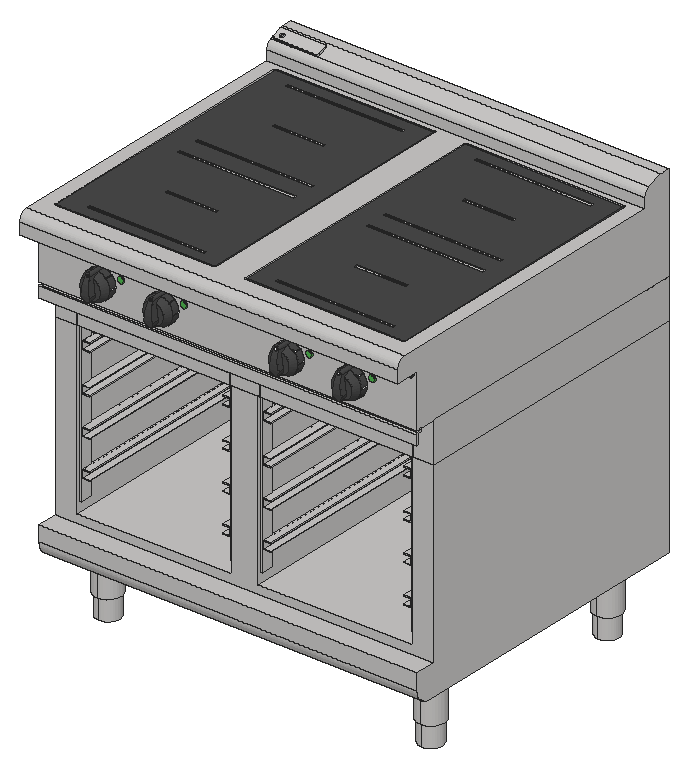
Revit family "QF_Moffat_INL8400R3-CB_Induction Cooktop_cat", category Specialty Equipment, Revit 2019 (continued)
Definition of nested family "Knob"
  Forms (mm)
    Revolve 1, solid
      sketch origin (32.5, 175.397, 1219.2) x (0, 1, 0) y (0, 0, 1)
        loop
          line (-175.397, -1186.7) -> (-219.397, -1186.7) -> (-219.397, -1211.501) -> (-202.106, -1219.2) -> (-185.397, -1219.2) -> (-185.397, -1191.7) -> (-175.397, -1191.7) -> (-175.397, -1186.7)
        axis (-219.397, -1186.7) -> (-175.397, -1186.7)
      angle from 0 to 360
    Extrusion 2, solid
      sketch origin (32.5, 175.397, 1219.2) x (0, 1, 0) y (0, 0, 1)
        loop
          line (-202.106, -1154.2) -> (-185.397, -1154.2) -> (-185.397, -1149.7) -> (-224.105, -1149.7)
          arc (-224.105, -1149.7) -> (-233.965, -1178.467) -> (-230.696, -1208.7) r 70
          line (-230.696, -1208.7) -> (-219.397, -1208.7) -> (-219.397, -1161.899) -> (-202.106, -1154.2)
      from -15 to 15
    Extrusion 3, void
      sketch origin (0, 0, 0) x (1, 0, 0) y (0, 0, 1)
        loop
          line (27.501, 64.613) -> (22.02, 20.585)
          arc (22.02, 20.585) -> (32.792, 10.488) -> (42.986, 21.169) r 10.487
          line (42.986, 21.169) -> (37.499, 64.613)
          arc (37.499, 64.613) -> (32.5, 69.5) -> (27.501, 64.613) r 5
        loop
          line (10, 72.977) -> (10, 5.625) -> (55, 5.625) -> (55, 72.977) -> (10, 72.977)
      from 6.142 to 69.687
    Extrusion 4, solid
      sketch origin (0, -34.115, -16.916) x (1, 0, 0) y (0, 0.45399, 0.891007)
        loop
          circle (32.497, 65) r 2
      from 51.525 to 53.075
    Extrusion 5, solid
      sketch origin (32.5, -10, 32.5) x (0, 0, -1) y (-1, 0, 0)
        loop
          line (-23.54, -22.408) -> (-24.106, -22.974)
          arc (-24.106, -22.974) -> (-23.547, -23.547) -> (-22.974, -24.106) r 33.3
          line (-22.974, -24.106) -> (-22.408, -23.54)
          arc (-22.408, -23.54) -> (-22.981, -22.981) -> (-23.54, -22.408) r 32.5
        loop
          arc (-0.8, -33.29) -> (0, -33.3) -> (0.8, -33.29) r 33.3
          line (0.8, -33.29) -> (0.8, -32.49)
          arc (0.8, -32.49) -> (0, -32.5) -> (-0.8, -32.49) r 32.5
          line (-0.8, -32.49) -> (-0.8, -33.29)
        loop
          arc (23.54, -22.408) -> (22.981, -22.981) -> (22.408, -23.54) r 32.5
          line (22.408, -23.54) -> (22.974, -24.106)
          arc (22.974, -24.106) -> (23.547, -23.547) -> (24.106, -22.974) r 33.3
          line (24.106, -22.974) -> (23.54, -22.408)
        loop
          arc (-23.54, 22.408) -> (-22.981, 22.981) -> (-22.408, 23.54) r 32.5
          line (-22.408, 23.54) -> (-22.974, 24.106)
          arc (-22.974, 24.106) -> (-23.547, 23.547) -> (-24.106, 22.974) r 33.3
          line (-24.106, 22.974) -> (-23.54, 22.408)
        loop
          line (-0.8, 33.29) -> (-0.8, 32.49)
          arc (-0.8, 32.49) -> (0, 32.5) -> (0.8, 32.49) r 32.5
          line (0.8, 32.49) -> (0.8, 33.29)
          arc (0.8, 33.29) -> (0, 33.3) -> (-0.8, 33.29) r 33.3
        loop
          line (32.49, -0.8) -> (33.29, -0.8)
          arc (33.29, -0.8) -> (33.3, 0) -> (33.29, 0.8) r 33.3
          line (33.29, 0.8) -> (32.49, 0.8)
          arc (32.49, 0.8) -> (32.5, 0) -> (32.49, -0.8) r 32.5
        loop
          arc (24.106, 22.974) -> (23.547, 23.547) -> (22.974, 24.106) r 33.3
          line (22.974, 24.106) -> (22.408, 23.54)
          arc (22.408, 23.54) -> (22.981, 22.981) -> (23.54, 22.408) r 32.5
          line (23.54, 22.408) -> (24.106, 22.974)
      from 0 to -16.709
  Cuts and joins
    Extrusion 3 cuts Extrusion 2
  Dimensions and locks
    equal spacing: plane 3 "LEFT", plane 7 "Center Y", plane 4 "RIGHT"
    "Length": plane 3 "LEFT" to plane 4 "RIGHT"
    equal spacing: plane 5 "FRONT", plane 8 "Center X", plane 1 "BACK"
    "Depth": plane 5 "FRONT" to plane 1 "BACK"
    "Height": plane 6 "TOP" to level
    plane 4 "RIGHT" to plane 3 "LEFT" = 65 mm
    aligned and locked: level to plane 2
  Automatic sketch dimensions
    Revolve 1 sketch curve to level = 0 mm
    Revolve 1 sketch curve to plane 1 "BACK" = 0 mm  (x2)
    plane 1 "BACK" to Revolve 1 sketch curve = 10 mm
    plane 8 "Center X" to Revolve 1 sketch curve = 2.791 mm
    Revolve 1 sketch curve to plane 8 "Center X" = 14.5 mm
    level to Revolve 1 sketch curve = 7.699 mm
    level to Revolve 1 sketch curve = 27.5 mm
    Revolve 1 sketch curve to Revolve 1 sketch curve = 5 mm
    Revolve 1 sketch curve to Revolve 1 sketch curve = 35 mm
    Revolve 1 sketch curve to Revolve 1 sketch curve = 0 mm
    Extrusion 2 sketch curve to plane 6 "TOP" = 0 mm
    Extrusion 2 sketch curve to plane 5 "FRONT" = 3.702 mm
    Extrusion 2 sketch curve to plane 5 "FRONT" = 10.293 mm
    Extrusion 2 sketch curve to Extrusion 2 sketch curve = 11.298 mm
    plane 8 "Center X" to Extrusion 2 sketch curve = 2.791 mm
    plane 1 "BACK" to Extrusion 2 sketch curve = 10 mm
    Extrusion 2 sketch curve to plane 1 "BACK" = 11 mm
    Extrusion 2 sketch curve to plane 6 "TOP" = 4.5 mm
    Extrusion 2 sketch curve to plane 6 "TOP" = 12.199 mm
    level to Extrusion 2 sketch curve = 32.962 mm
    level to Extrusion 3 sketch curve = 5.625 mm
    Extrusion 3 sketch curve to plane 7 "Center Y" = 0 mm  (x2)
    Extrusion 3 sketch curve to plane 7 "Center Y" = 4.999 mm
    Extrusion 3 sketch curve to plane 7 "Center Y" = 10.48 mm
    plane 6 "TOP" to Extrusion 3 sketch curve = 3.477 mm
    plane 3 "LEFT" to Extrusion 3 sketch curve = 10 mm
    Extrusion 3 sketch curve to plane 6 "TOP" = 4.887 mm
    Extrusion 3 sketch curve to Extrusion 3 sketch curve = 4.999 mm
    plane 7 "Center Y" to Extrusion 3 sketch curve = 10.486 mm
    level to Extrusion 3 sketch curve = 20.585 mm
    Extrusion 3 sketch curve to Extrusion 3 sketch curve = 0.387 mm
    Extrusion 3 sketch curve to Extrusion 3 sketch curve = 0.113 mm
    plane 4 "RIGHT" to Extrusion 3 sketch curve = 10 mm
    Extrusion 5 sketch curve to Revolve 1 = 32.49 mm
    Revolve 1 to Extrusion 5 sketch curve = 32.49 mm
    Extrusion 5 sketch curve to Revolve 1 = 23.54 mm  (x2)
    Revolve 1 to Extrusion 5 sketch curve = 23.54 mm  (x2)
    Extrusion 5 sketch curve to Revolve 1 = 24.106 mm  (x2)
    Revolve 1 to Extrusion 5 sketch curve = 24.106 mm  (x2)
    Revolve 1 to Extrusion 5 sketch curve = 22.408 mm  (x2)
    Extrusion 5 sketch curve to Revolve 1 = 22.408 mm  (x2)
    Revolve 1 to Extrusion 5 sketch curve = 22.974 mm  (x2)
    Extrusion 5 sketch curve to Revolve 1 = 22.974 mm  (x2)
    Extrusion 5 sketch curve to Extrusion 5 sketch curve = 1.6 mm  (x2)
    Revolve 1 to Extrusion 5 sketch curve = 0.8 mm
    Extrusion 5 sketch curve to Revolve 1 = 0.8 mm
    Extrusion 4 sketch curve to plane 7 "Center Y" = 0.003 mm
    radius of Extrusion 5 sketch curve to Revolve 1 = 0 mm  (x7)
    radius of Revolve 1 to Extrusion 5 sketch curve = 0.8 mm  (x7)
    radius of Extrusion 4 sketch curve = 2 mm
Definition of nested family "QF_LOGO_Waldorf1"
  Parameters (values of type "QF_LOGO_Waldorf")
    Weight in Pounds = 0
    URL Cutsheet = ""
    Specification by User = ""
    Specification by Manufacturer = ""
    Serial Number = ""
    Seismic Rating = ""
    SMACNA No = ""
    Revision Code = ""
    NAFEM Spec ID Number = ""
    Masterspec = ""
    Length = 138 mm
    Item Number = ""
    Installed By = ""
    Identify Quantity as Lot = yes
    Height = 26.711 mm
    Furnished By = ""
    Foodservice Equipment Identifier = yes
    Depth = 3.175 mm
    CSI MasterFormat = ""
  Reference planes
    plane 1 "BACK": y = 0
    plane 2: z = 0
    plane 3 "LEFT": x = 0
    plane 4 "RIGHT": x = 138
    plane 5 "FRONT": y = -3.175
    plane 6 "TOP": z = 26.711
    plane 7 "Center Y": x = 69
    plane 8 "Center X": y = -1.587
  Forms (mm)
    Extrusion 1, solid
      sketch origin (0, 0, 0) x (1, 0, 0) y (0, 0.920505, 0.390731)
        loop
          line (109, 3.464) -> (109, 23.247)
          spline (109, 23.247) -> (108.966, 23.699) -> (108.864, 24.143) -> (108.696, 24.572) -> (108.464, 24.979) -> (108.173, 25.355) -> (107.828, 25.696) -> (107.435, 25.995) -> (107, 26.247) -> (106.531, 26.447) -> (106.035, 26.593) -> (105.522, 26.681) -> (105, 26.711)
          line (105, 26.711) -> (4, 26.711)
          spline (4, 26.711) -> (3.478, 26.681) -> (2.965, 26.593) -> (2.469, 26.447) -> (2, 26.247) -> (1.565, 25.995) -> (1.172, 25.696) -> (0.827, 25.355) -> (0.536, 24.979) -> (0.304, 24.572) -> (0.136, 24.143) -> (0.034, 23.699) -> (0, 23.247)
          line (0, 23.247) -> (0, 3.464)
          spline (0, 3.464) -> (0.034, 3.012) -> (0.136, 2.568) -> (0.304, 2.138) -> (0.536, 1.732) -> (0.827, 1.355) -> (1.172, 1.015) -> (1.565, 0.716) -> (2, 0.464) -> (2.469, 0.264) -> (2.965, 0.118) -> (3.478, 0.03) -> (4, 0)
          line (4, 0) -> (105, 0)
          spline (105, 0) -> (105.522, 0.03) -> (106.035, 0.118) -> (106.531, 0.264) -> (107, 0.464) -> (107.435, 0.716) -> (107.828, 1.015) -> (108.173, 1.355) -> (108.464, 1.732) -> (108.696, 2.138) -> (108.864, 2.568) -> (108.966, 3.012) -> (109, 3.464)
        loop
          line (14.75, 7.005) -> (14.75, 15.654)
          arc (14.75, 15.654) -> (10.425, 11.329) -> (14.75, 7.005) r 4.325
        loop
          line (15.25, 15.654) -> (15.25, 7.005)
          arc (15.25, 7.005) -> (19.575, 11.329) -> (15.25, 15.654) r 4.325
      from 0 to 3.2
    Extrusion 2, solid
      sketch origin (0, 0, 0) x (1, 0, 0) y (0, 0.920505, 0.390731)
        loop
          line (15.25, 15.654) -> (15.25, 7.005)
          arc (15.25, 7.005) -> (19.575, 11.329) -> (15.25, 15.654) r 4.325
      from 0 to 3.2
    Extrusion 3, solid
      sketch origin (16.271, 0, 0) x (-1, 0, 0) y (0, -0.920505, -0.390731)
        loop
          arc (1.521, -15.654) -> (5.846, -11.329) -> (1.521, -7.005) r 4.325
          line (1.521, -7.005) -> (1.521, -15.654)
      from 0 to 3.2
  Lines and regions (mm)
    Split face 1
      outline origin (0, -1.25, 2.946) x (1, 0, 0) y (0, 0.920505, 0.390731)
        loop
          spline (22.129, 16.975) -> (22.389, 15.984) -> (22.649, 15.002) -> (22.91, 14.028) -> (23.172, 13.065) -> (23.433, 12.11) -> (23.695, 11.166) -> (23.956, 10.232) -> (24.218, 9.308) -> (24.479, 8.396) -> (24.74, 7.495) -> (25, 6.605) -> (25.26, 5.728)
          line (25.26, 5.728) -> (29.463, 5.728)
          spline (29.463, 5.728) -> (29.582, 6.252) -> (29.701, 6.78) -> (29.82, 7.313) -> (29.939, 7.85) -> (30.058, 8.391) -> (30.178, 8.936) -> (30.297, 9.485) -> (30.416, 10.038) -> (30.536, 10.594) -> (30.655, 11.155) -> (30.775, 11.719) -> (30.894, 12.287)
          spline (30.894, 12.287) -> (31.018, 11.719) -> (31.142, 11.155) -> (31.266, 10.594) -> (31.39, 10.038) -> (31.514, 9.485) -> (31.638, 8.936) -> (31.762, 8.391) -> (31.885, 7.85) -> (32.009, 7.313) -> (32.133, 6.78) -> (32.256, 6.252) -> (32.379, 5.728)
          line (32.379, 5.728) -> (36.51, 5.728)
          spline (36.51, 5.728) -> (36.766, 6.605) -> (37.023, 7.495) -> (37.28, 8.396) -> (37.538, 9.308) -> (37.795, 10.232) -> (38.053, 11.166) -> (38.311, 12.11) -> (38.569, 13.065) -> (38.826, 14.028) -> (39.083, 15.002) -> (39.34, 15.984) -> (39.597, 16.975)
          line (39.597, 16.975) -> (35.637, 16.975)
          spline (35.637, 16.975) -> (35.523, 16.334) -> (35.41, 15.697) -> (35.296, 15.063) -> (35.182, 14.433) -> (35.068, 13.807) -> (34.954, 13.185) -> (34.84, 12.566) -> (34.726, 11.952) -> (34.612, 11.342) -> (34.497, 10.737) -> (34.383, 10.135) -> (34.269, 9.538)
          spline (34.269, 9.538) -> (34.138, 10.135) -> (34.008, 10.737) -> (33.877, 11.342) -> (33.746, 11.952) -> (33.616, 12.566) -> (33.485, 13.185) -> (33.354, 13.807) -> (33.224, 14.433) -> (33.093, 15.063) -> (32.963, 15.697) -> (32.833, 16.334) -> (32.703, 16.975)
          line (32.703, 16.975) -> (29.247, 16.975)
          spline (29.247, 16.975) -> (29.111, 16.334) -> (28.974, 15.697) -> (28.837, 15.063) -> (28.7, 14.433) -> (28.562, 13.807) -> (28.425, 13.185) -> (28.288, 12.566) -> (28.15, 11.952) -> (28.013, 11.342) -> (27.875, 10.737) -> (27.738, 10.135) -> (27.6, 9.538)
          spline (27.6, 9.538) -> (27.483, 10.135) -> (27.366, 10.737) -> (27.249, 11.342) -> (27.132, 11.952) -> (27.015, 12.566) -> (26.897, 13.185) -> (26.78, 13.807) -> (26.663, 14.433) -> (26.546, 15.063) -> (26.43, 15.697) -> (26.313, 16.334) -> (26.196, 16.975)
          line (26.196, 16.975) -> (22.129, 16.975)
    Split face 2
      outline origin (0, -1.25, 2.946) x (1, 0, 0) y (0, 0.920505, 0.390731)
        loop
          line (51.449, 5.728) -> (51.035, 6.606) -> (51.035, 11.169)
          spline (51.035, 11.169) -> (50.686, 12.42) -> (50.176, 13.224) -> (49.51, 13.708) -> (48.693, 13.995) -> (47.747, 14.152) -> (46.698, 14.207) -> (45.579, 14.186) -> (44.419, 14.114) -> (43.279, 13.929) -> (42.249, 13.481) -> (41.424, 12.614) -> (40.897, 11.169)
          line (40.897, 11.169) -> (44.617, 11.169) -> (44.988, 11.965)
          spline (44.988, 11.965) -> (47.294, 11.682) -> (46.856, 10.932) -> (45.527, 10.609) -> (43.858, 10.439) -> (42.259, 10.123) -> (41.078, 9.417) -> (40.563, 8.246) -> (40.689, 6.989) -> (41.407, 6.052) -> (42.774, 5.536) -> (44.847, 5.497) -> (47.306, 6.602)
          line (47.306, 6.602) -> (47.624, 5.728) -> (51.449, 5.728)
    Split face 3
      outline origin (0, -1.25, 2.946) x (1, 0, 0) y (0, 0.920505, 0.390731)
        loop
          line (47.264, 9.264) -> (44.938, 8.597)
          spline (44.938, 8.597) -> (44.508, 8.228) -> (44.402, 7.9) -> (44.548, 7.626) -> (44.877, 7.42) -> (45.317, 7.295) -> (45.797, 7.265) -> (46.252, 7.342) -> (46.65, 7.525) -> (46.971, 7.813) -> (47.194, 8.201) -> (47.298, 8.685) -> (47.264, 9.264)
    Split face 4
      outline origin (0, -1.25, 2.946) x (1, 0, 0) y (0, 0.920505, 0.390731)
        loop
          line (53.33, 16.975) -> (53.33, 5.728) -> (57.173, 5.728) -> (57.173, 16.975) -> (53.33, 16.975)
    Split face 5
      outline origin (0, -1.25, 2.946) x (1, 0, 0) y (0, 0.920505, 0.390731)
        loop
          line (65.795, 16.975) -> (65.795, 12.976)
          spline (65.795, 12.976) -> (63.839, 14.082) -> (62.087, 14.096) -> (60.633, 13.343) -> (59.574, 12.148) -> (58.99, 10.806) -> (58.867, 9.452) -> (59.156, 8.159) -> (59.81, 7) -> (60.786, 6.056) -> (62.111, 5.514) -> (63.868, 5.634) -> (66.137, 6.679)
          line (66.137, 6.679) -> (66.137, 5.728) -> (69.511, 5.728) -> (69.511, 16.975) -> (65.795, 16.975)
    Split face 6
      outline origin (0, -1.25, 2.946) x (1, 0, 0) y (0, 0.920505, 0.390731)
        loop
          spline (64.273, 7.499) -> (64.754, 7.57) -> (65.202, 7.777) -> (65.587, 8.106) -> (65.882, 8.535) -> (66.067, 9.034) -> (66.131, 9.57) -> (66.067, 10.106) -> (65.882, 10.605) -> (65.587, 11.034) -> (65.202, 11.363) -> (64.754, 11.57) -> (64.273, 11.64)
          spline (64.273, 11.64) -> (63.793, 11.57) -> (63.345, 11.363) -> (62.96, 11.034) -> (62.665, 10.605) -> (62.479, 10.106) -> (62.416, 9.57) -> (62.479, 9.034) -> (62.665, 8.535) -> (62.96, 8.106) -> (63.345, 7.777) -> (63.793, 7.57) -> (64.273, 7.499)
    Split face 7
      outline origin (0, -1.25, 2.946) x (1, 0, 0) y (0, 0.920505, 0.390731)
        loop
          spline (76.449, 5.305) -> (77.855, 5.457) -> (79.166, 5.901) -> (80.291, 6.607) -> (81.155, 7.527) -> (81.698, 8.599) -> (81.883, 9.749) -> (81.698, 10.899) -> (81.155, 11.97) -> (80.291, 12.891) -> (79.166, 13.597) -> (77.855, 14.041) -> (76.449, 14.192)
          spline (76.449, 14.192) -> (75.042, 14.041) -> (73.731, 13.597) -> (72.606, 12.891) -> (71.742, 11.97) -> (71.199, 10.899) -> (71.014, 9.749) -> (71.199, 8.599) -> (71.742, 7.527) -> (72.606, 6.607) -> (73.731, 5.901) -> (75.042, 5.457) -> (76.449, 5.305)
    Split face 8
      outline origin (0, -1.25, 2.946) x (1, 0, 0) y (0, 0.920505, 0.390731)
        loop
          spline (76.449, 7.654) -> (76.841, 7.725) -> (77.206, 7.934) -> (77.52, 8.267) -> (77.76, 8.701) -> (77.912, 9.206) -> (77.963, 9.749) -> (77.912, 10.291) -> (77.76, 10.796) -> (77.52, 11.23) -> (77.206, 11.563) -> (76.841, 11.772) -> (76.449, 11.843)
          spline (76.449, 11.843) -> (76.057, 11.772) -> (75.691, 11.563) -> (75.378, 11.23) -> (75.137, 10.796) -> (74.986, 10.291) -> (74.934, 9.749) -> (74.986, 9.206) -> (75.137, 8.701) -> (75.378, 8.267) -> (75.691, 7.934) -> (76.057, 7.725) -> (76.449, 7.654)
    Split face 9
      outline origin (0, -1.25, 2.946) x (1, 0, 0) y (0, 0.920505, 0.390731)
        loop
          line (86.998, 12.335) -> (86.998, 13.879) -> (83.479, 13.879) -> (83.479, 5.728) -> (87.312, 5.728) -> (87.312, 8.975)
          spline (87.312, 8.975) -> (87.364, 9.356) -> (87.458, 9.686) -> (87.594, 9.968) -> (87.769, 10.204) -> (87.982, 10.398) -> (88.229, 10.55) -> (88.509, 10.666) -> (88.82, 10.746) -> (89.16, 10.794) -> (89.525, 10.812) -> (89.915, 10.803) -> (90.327, 10.77)
          line (90.327, 10.77) -> (90.327, 14.113)
          spline (90.327, 14.113) -> (89.929, 14.127) -> (89.552, 14.111) -> (89.197, 14.066) -> (88.865, 13.991) -> (88.554, 13.887) -> (88.266, 13.754) -> (87.999, 13.591) -> (87.755, 13.399) -> (87.532, 13.177) -> (87.332, 12.926) -> (87.154, 12.645) -> (86.998, 12.335)
    Split face 10
      outline origin (0, -1.25, 2.946) x (1, 0, 0) y (0, 0.920505, 0.390731)
        loop
          line (92.082, 13.879) -> (90.894, 13.879) -> (90.894, 11.972) -> (92.082, 11.972) -> (92.082, 5.728) -> (95.871, 5.728) -> (95.871, 11.972) -> (97.5, 11.972) -> (97.5, 13.879) -> (95.871, 13.879)
          spline (95.871, 13.879) -> (95.843, 14.088) -> (95.845, 14.278) -> (95.877, 14.447) -> (95.939, 14.596) -> (96.03, 14.726) -> (96.151, 14.835) -> (96.301, 14.925) -> (96.482, 14.995) -> (96.692, 15.045) -> (96.931, 15.075) -> (97.201, 15.085) -> (97.5, 15.076)
          line (97.5, 15.076) -> (97.5, 17.266) -> (95.367, 17.266)
          spline (95.367, 17.266) -> (94.982, 17.253) -> (94.58, 17.21) -> (94.174, 17.132) -> (93.774, 17.013) -> (93.39, 16.846) -> (93.034, 16.627) -> (92.717, 16.349) -> (92.448, 16.007) -> (92.24, 15.595) -> (92.102, 15.106) -> (92.046, 14.537) -> (92.082, 13.879)
  Dimensions and locks
    equal spacing: plane 3 "LEFT", plane 7 "Center Y", plane 4 "RIGHT"
    "Length": plane 3 "LEFT" to plane 4 "RIGHT"
    equal spacing: plane 5 "FRONT", plane 8 "Center X", plane 1 "BACK"
    "Depth": plane 5 "FRONT" to plane 1 "BACK"
    "Height": plane 6 "TOP" to level
    plane 4 "RIGHT" to plane 3 "LEFT" = 138 mm
    aligned and locked: level to plane 2
  Automatic sketch dimensions
    Extrusion 1 sketch curve to plane 3 "LEFT" = 0 mm
    plane 3 "LEFT" to Extrusion 1 sketch curve = 4 mm  (x2)
    Extrusion 1 sketch curve to Extrusion 1 sketch curve = 10.75 mm
    Extrusion 1 sketch curve to Extrusion 1 sketch curve = 0.5 mm
    plane 4 "RIGHT" to Extrusion 1 sketch curve = 33 mm
    Extrusion 1 sketch curve to Extrusion 1 sketch curve = 0 mm  (x3)
    Extrusion 1 sketch curve to Extrusion 1 sketch curve = 4 mm
    Extrusion 1 sketch curve to Extrusion 1 sketch curve = 3.464 mm  (x3)
    Extrusion 1 sketch curve to Extrusion 1 sketch curve = 3.541 mm
    Extrusion 1 sketch curve to Extrusion 1 sketch curve = 4.325 mm
    Extrusion 1 sketch curve to Extrusion 1 sketch curve = 19.783 mm
    Extrusion 1 sketch curve to Extrusion 1 sketch curve = 7.592 mm
    plane 3 "LEFT" to Extrusion 2 sketch curve = 15.25 mm
    Extrusion 2 sketch curve to Extrusion 2 sketch curve = 4.325 mm
    plane 3 "LEFT" to Extrusion 3 sketch curve = 14.75 mm
    Extrusion 3 sketch curve to Extrusion 3 sketch curve = 4.325 mm
    Extrusion 1 to Split face 1 sketch curve = 6.879 mm
    Split face 1 sketch curve to Extrusion 1 = 5.728 mm
    Split face 1 sketch curve to Split face 1 sketch curve = 3.132 mm
    Split face 1 sketch curve to Split face 1 sketch curve = 4.068 mm
    Split face 1 sketch curve to Split face 1 sketch curve = 3.051 mm
    Split face 1 sketch curve to Split face 1 sketch curve = 4.203 mm
    Split face 1 sketch curve to Split face 1 sketch curve = 2.916 mm
    Split face 1 sketch curve to Split face 1 sketch curve = 3.456 mm
    Split face 1 sketch curve to Split face 1 sketch curve = 2.934 mm
    Split face 1 sketch curve to Split face 1 sketch curve = 4.131 mm
    Split face 1 sketch curve to Split face 1 sketch curve = 3.96 mm
    Split face 1 sketch curve to Split face 1 sketch curve = 0 mm  (x2)
    Split face 1 sketch curve to Extrusion 1 = 9.736 mm  (x2)
    Extrusion 1 to Split face 1 sketch curve = 6.337 mm
    Extrusion 1 to Split face 1 sketch curve = 6.231 mm
    Extrusion 1 to Split face 1 sketch curve = 3.184 mm
    Extrusion 1 to Split face 1 sketch curve = 13.135 mm
    Split face 1 sketch curve to Split face 1 sketch curve = 4.652 mm
    Split face 1 sketch curve to Split face 1 sketch curve = 3.593 mm
    Split face 1 sketch curve to Split face 1 sketch curve = 1.863 mm
    Split face 1 sketch curve to Split face 1 sketch curve = 0.713 mm
    Split face 1 sketch curve to Split face 1 sketch curve = 2.684 mm
    Split face 1 sketch curve to Split face 1 sketch curve = 3.294 mm
    Split face 1 sketch curve to Split face 1 sketch curve = 0.459 mm
    Split face 1 sketch curve to Split face 1 sketch curve = 2.775 mm
    Split face 1 sketch curve to Split face 1 sketch curve = 1.89 mm
    Split face 1 sketch curve to Split face 1 sketch curve = 0.685 mm
    Split face 1 sketch curve to Split face 1 sketch curve = 9.486 mm
    Split face 1 sketch curve to Split face 1 sketch curve = 16.213 mm
    Split face 1 sketch curve to Split face 1 sketch curve = 3.48 mm
    Split face 1 sketch curve to Split face 1 sketch curve = 4.918 mm
    Split face 1 sketch curve to Split face 1 sketch curve = 7.609 mm
    Split face 1 sketch curve to Split face 1 sketch curve = 0.01 mm  (x2)
    Split face 1 sketch curve to Split face 1 sketch curve = 0.002 mm
    Split face 2 sketch curve to Extrusion 1 = 11.169 mm
    Extrusion 1 to Split face 2 sketch curve = 25.647 mm
    Split face 2 sketch curve to Split face 2 sketch curve = 3.72 mm
    Split face 2 sketch curve to Extrusion 1 = 11.965 mm
    Split face 2 sketch curve to Split face 2 sketch curve = 0.371 mm
    Split face 2 sketch curve to Extrusion 1 = 6.602 mm
    Split face 2 sketch curve to Split face 2 sketch curve = 2.689 mm
    Split face 2 sketch curve to Split face 2 sketch curve = 0.318 mm
    Split face 2 sketch curve to Split face 2 sketch curve = 3.729 mm
    Split face 2 sketch curve to Split face 2 sketch curve = 0.414 mm
    Split face 2 sketch curve to Split face 2 sketch curve = 0.875 mm
    Split face 2 sketch curve to Split face 2 sketch curve = 0.878 mm
    Split face 3 sketch curve to Extrusion 1 = 8.597 mm
    Extrusion 1 to Split face 3 sketch curve = 29.688 mm
    Split face 3 sketch curve to Extrusion 1 = 9.264 mm
    Split face 3 sketch curve to Split face 3 sketch curve = 2.326 mm
    Split face 4 sketch curve to Extrusion 1 = 5.728 mm
    Extrusion 1 to Split face 4 sketch curve = 38.08 mm
    Split face 4 sketch curve to Split face 4 sketch curve = 3.843 mm
    Split face 4 sketch curve to Extrusion 1 = 9.736 mm
    Split face 5 sketch curve to Extrusion 1 = 9.736 mm
    Split face 5 sketch curve to Extrusion 1 = 43.205 mm
    Split face 5 sketch curve to Extrusion 1 = 6.679 mm
    Split face 5 sketch curve to Split face 5 sketch curve = 0.342 mm
    Split face 5 sketch curve to Split face 5 sketch curve = 3.375 mm
    Split face 5 sketch curve to Split face 5 sketch curve = 0.952 mm
    Split face 5 sketch curve to Split face 5 sketch curve = 3.998 mm
    Split face 6 sketch curve to Extrusion 1 = 7.499 mm
    Split face 6 sketch curve to Extrusion 1 = 44.727 mm
    Split face 6 sketch curve to Split face 6 sketch curve = 2.07 mm
    Split face 7 sketch curve to Extrusion 1 = 5.305 mm
    Split face 7 sketch curve to Extrusion 1 = 32.551 mm
    Split face 7 sketch curve to Split face 7 sketch curve = 4.443 mm
    Split face 8 sketch curve to Extrusion 1 = 7.654 mm
    Split face 8 sketch curve to Extrusion 1 = 32.551 mm
    Split face 8 sketch curve to Split face 8 sketch curve = 2.095 mm
    Split face 9 sketch curve to Extrusion 1 = 5.728 mm
    Split face 9 sketch curve to Extrusion 1 = 25.521 mm
    Split face 9 sketch curve to Split face 9 sketch curve = 3.519 mm
    Split face 9 sketch curve to Split face 9 sketch curve = 0.315 mm
    Split face 9 sketch curve to Split face 9 sketch curve = 3.33 mm
    Split face 9 sketch curve to Split face 9 sketch curve = 3.248 mm
    Split face 9 sketch curve to Split face 9 sketch curve = 1.795 mm
    Split face 9 sketch curve to Split face 9 sketch curve = 3.36 mm
    Split face 9 sketch curve to Split face 9 sketch curve = 1.545 mm
    Split face 9 sketch curve to Split face 9 sketch curve = 0.233 mm
    Split face 10 sketch curve to Extrusion 1 = 18.106 mm
    Split face 10 sketch curve to Split face 10 sketch curve = 1.188 mm  (x2)
    Split face 10 sketch curve to Split face 10 sketch curve = 3.285 mm
    Split face 10 sketch curve to Split face 10 sketch curve = 3.789 mm
    Split face 10 sketch curve to Split face 10 sketch curve = 0 mm  (x2)
    Split face 10 sketch curve to Split face 10 sketch curve = 1.629 mm
    Split face 10 sketch curve to Split face 10 sketch curve = 2.133 mm
    Split face 10 sketch curve to Extrusion 1 = 5.728 mm
    Split face 10 sketch curve to Split face 10 sketch curve = 6.245 mm
    Split face 10 sketch curve to Split face 10 sketch curve = 1.907 mm  (x2)
    Split face 10 sketch curve to Split face 10 sketch curve = 1.197 mm
    Split face 10 sketch curve to Split face 10 sketch curve = 2.19 mm
